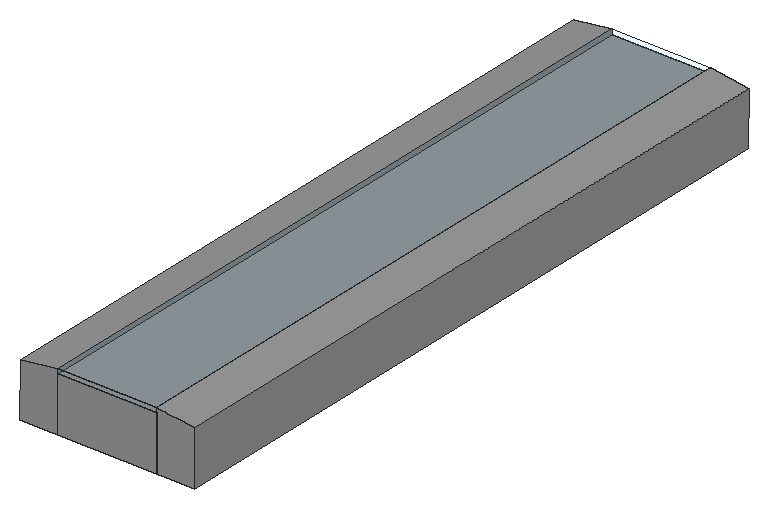
Revit family "ElectricalEquipment_Hager_TPNLighting&Power_250ATripleMeteredBoards", category Electrical Equipment, host Face, Revit 2015
Parameters (values of type "JKD2884PM")
  _DistributedBy = "www.bimstore.co.uk"
  _CurrentRevision = 0
  _CreatedBy = "MajentaSolutions"
  _BimstoreBibleVersion = "V14"
  _BimSpecGuid = 0
  _Author = "MajentaSolutions"
  WarrantyStartDate [instance] = ""
  WarrantyGuarantorParts = "2"
  WarrantyGuarantorLabor = ""
  WarrantyDurationUnit = "Years"
  WarrantyDurationParts = 2
  WarrantyDurationLabor = 0
  WarrantyDescription = "See Manufacturer"
  Voltage = "230V"
  URL = "http://www.hager.co.uk/"
  TypeName = Category  # "ElectricalEquipment"
  Type Comments = Model  # "JKD2884PM"
  TagNumber [instance] = ""
  SustainabilityPerformance = ""
  Size = ""
  built-in parameter 1140080 [instance] = "16kA"
  Shape = "Rectangular"
  ServiceLifeDuration = 0
  SerialNumber [instance] = ""
  ReplacementCost = 0
  Outgoing = "63A"
  NominalWidth = 465 mm
  NominalLength = 0 mm  # constant formula
  NominalHeight = 1850 mm
  NominalDepth = 165.5 mm
  Neutral Rating = 1  # 100.00%
  NBSReference = ClassificationValue  # "Pr_80_77_28_16"
  NBSOfficeMasterTag = "n/a"
  NBSObjectName = "Hager_TripleMeteredBoards_JKD2884PM"
  NBSNote = ""
  NBSDescription = Category  # "ElectricalEquipment"
  built-in parameter 1140081 [instance] = "ElectricalEquipment"
  ModelReference = ""
  ModelNumber = ""
  ModelLabel = ""
  Model = "JKD2884PM"
  Material = "MildSteel,ABS,AcousticComposite"
  ManufacturerName = Manufacturer  # "Hager"
  Manufacturer = "Hager"
  Mains Type = "AC"
  Keynote = "V"
  InstallationDate [instance] = ""
  Incoming = "125A"
  IfcExportType = ""
  IfcExportAs = "ElectricalEquipment"
  Grade = ""
  Finish = ""
  Features = Description  # "200APower/Lighting/ServicesBoard.Lower8,Mid8,Top4Way.Pulsed/Modbus"
  ExpectedLife = 10
  EAN = "5015652600299"
  DurationUnit = "Years"
  DocumentationTechnical = "http://www.hager.co.uk/product-catalogue/energy-distribution/consumer-units/design-range-of-consumer-units/design-10/51386.htm"
  DocumentationMaintenance = ""
  DocumentationLiterature = "http://www.hager.co.uk/product-catalogue/energy-distribution/consumer-units/design-range-of-consumer-units/design-10/51386.htm"
  DocumentationInstallationGuide = ""
  DocumentationCertificates = ""
  Description = "200APower/Lighting/ServicesBoard.Lower8,Mid8,Top4Way.Pulsed/Modbus"
  Default Elevation = 500 mm
  CreatedOn = "22.06.17"
  CreatedBy = "MajentaSolutions"
  Constituents = ""
  Colour = "RAL 9010 White Gloss"
  CodePerformance = ""
  ClassificationValue = "Pr_80_77_28_16"
  ClassificationName = "Uniclass2015"
  Category = "ElectricalEquipment"
  BarCode [instance] = ""
  BIMObjectName = "Hager_ElectricalEquipment_TripleMeteredBoards_JKD2884PM"
  AssetType = "Fixed"
  AssetIdentifier [instance] = ""
  Assembly Code = "D5010"
  AccessibilityPerformance = ""
Reference planes
  plane 1 "Center (Front/Back)": y = 0
  plane 2: z = 0
  plane 3 "Center (Left/Right)": x = 0
  plane 4: y = 925
  plane 5: z = 165.5
  plane 6: x = -232.5
  plane 7: x = 232.5
  plane 8: y = -925
  plane 9: x = -132.5
  plane 10: x = 132.5
  plane 11: z = 145.5
Forms (mm)
  Extrusion 1, solid, material "MildSteel,ABS,AcousticComposite", detail levels fine
    sketch origin (0, 0, 0) x (1, 0, 0) y (0, 0, 1)
      loop
        line (-132.5, 0) -> (132.5, 0) -> (132.5, 145.5) -> (-132.5, 145.5) -> (-132.5, 0)
    from -925 to 925
  Extrusion 2, solid, detail levels medium
    sketch origin (0, 0, 0) x (1, 0, 0) y (0, 1, 0)
      loop
        line (-232.5, 925) -> (-232.5, -925) -> (232.5, -925) -> (232.5, 925) -> (-232.5, 925)
    from 0 to 165.5
  Extrusion 3, solid, material "Steel-Monodraught-HTM-Polished", detail levels medium+fine
    sketch origin (0, 0, 0) x (1, 0, 0) y (0, 0, 1)
      loop
        line (-232.5, 145.5) -> (-232.5, 0) -> (232.5, 0) -> (232.5, 145.5)
        arc (232.5, 145.5) -> (182.626, 153.208) -> (132.5, 159.059) r 1359.262
        line (132.5, 159.059) -> (132.5, 145.5) -> (-132.5, 145.5) -> (-132.5, 159.059)
        arc (-132.5, 159.059) -> (-182.626, 153.208) -> (-232.5, 145.5) r 1359.262
    from -925 to 925
  Extrusion 4, solid, material "Glass", detail levels medium+fine
    sketch origin (0, 0, 0) x (1, 0, 0) y (0, 0, 1)
      loop
        line (-132.5, 145.5) -> (132.5, 145.5) -> (132.5, 159.059)
        arc (132.5, 159.059) -> (0, 165.532) -> (-132.5, 159.059) r 1359.262
        line (-132.5, 159.059) -> (-132.5, 145.5)
    from -925 to 925
Lines and regions (mm)
  symbolic lines, style "ElectricalEquipment"
    curve 1: line (-232.5, 0, 141.286) -> (232.5, 0, 141.286)
    curve 2: line (-232.5, 0, 0) -> (-232.5, 0, 141.286)
    curve 3: line (232.5, 0, 0) -> (-232.5, 0, 0)
    curve 4: line (232.5, 0, 141.286) -> (232.5, 0, 0)
    curve 5: line (-232.5, 0, 0) -> (232.5, 0, 141.286)
  model lines
    curve 6: line (-232.5, 925, 0) -> (-232.5, -925, 0)
    curve 7: line (232.5, 925, 0) -> (-232.5, 925, 0)
    curve 8: line (232.5, 925, 0) -> (232.5, -925, 0)
    curve 9: line (232.5, -925, 0) -> (-232.5, -925, 0)
    curve 10: line (-132.5, 925, 0) -> (-132.5, -925, 0)
    curve 11: line (132.5, 925, 0) -> (132.5, -925, 0)
  symbolic lines
    curve 12: line (-232.5, 0, 145.5) -> (-232.5, 0, 615.5)
    curve 13: arc (-232.5, 0, 615.5) -> (97.183, 0, 473.643) -> (233.119, 0, 141.474) r 474.313
Dimensions and locks
  "NominalWidth": plane 6 to plane 7
  locked: plane 6 to plane 9 at 100
  locked: plane 10 to plane 7 at 100
  "NominalDepth": plane 5 to plane 2
  locked: plane 5 to plane 11 at 20
  equal spacing: plane 8, plane 1 "Center (Front/Back)", plane 4
  equal spacing: plane 6, plane 3 "Center (Left/Right)", plane 7
  "NominalHeight": plane 8 to plane 4
  aligned and locked: plane 2 to host face
  aligned and locked: level to host face
  aligned and locked: plane 8 to Extrusion 1
  aligned and locked: Extrusion 1 to plane 4
  aligned and locked: curve 6 to plane 6
  aligned and locked: curve 7 to plane 4
  aligned and locked: curve 8 to plane 7
  aligned and locked: curve 9 to plane 8
  aligned and locked: curve 10 to plane 9
  aligned and locked: curve 11 to plane 10
  aligned and locked: Extrusion 2 sketch curve to curve 7
  aligned and locked: Extrusion 2 sketch curve to curve 6
  aligned and locked: Extrusion 2 sketch curve to curve 9
  aligned and locked: Extrusion 2 sketch curve to curve 8
  aligned and locked: plane 5 to Extrusion 2
  aligned and locked: Extrusion 2 to level
  aligned and locked: Extrusion 3 sketch curve to plane 6
  aligned and locked: Extrusion 3 sketch curve to plane 7
  aligned and locked: Extrusion 3 sketch curve to plane 2
  aligned and locked: Extrusion 4 sketch curve to plane 11
  aligned and locked: Extrusion 4 sketch curve to plane 9
  aligned and locked: Extrusion 4 sketch curve to plane 10
  aligned and locked: plane 8 to Extrusion 4
  aligned and locked: Extrusion 4 to plane 4
  aligned and locked: Extrusion 3 to plane 4
  aligned and locked: plane 8 to Extrusion 3
Automatic sketch dimensions
  host sketch curve to host sketch curve = 2438.4 mm  (x2)
  plane 3 "Center (Left/Right)" to Extrusion 3 sketch curve = 0 mm
  Extrusion 3 sketch curve to plane 10 = 0 mm
  Extrusion 3 sketch curve to plane 11 = 0 mm  (x2)
  Extrusion 3 sketch curve to plane 5 = 6.441 mm  (x2)
  Extrusion 3 sketch curve to Extrusion 3 sketch curve = 0 mm  (x2)
  Extrusion 3 sketch curve to plane 9 = 0 mm
  plane 3 "Center (Left/Right)" to Extrusion 4 sketch curve = 0 mm
  Extrusion 4 sketch curve to level = 1193.73 mm
  Extrusion 4 sketch curve to plane 5 = 6.441 mm
  Extrusion 1 sketch curve to plane 10 = 0 mm
  Extrusion 1 sketch curve to plane 11 = 0 mm
  Extrusion 1 sketch curve to plane 9 = 0 mm
  Extrusion 1 sketch curve to level = 0 mm
  curve 1 to plane 6 = 0 mm
  curve 12 to plane 6 = 0 mm
  curve 4 to plane 7 = 0 mm
  curve 4 to level = 0 mm
  curve 12 to plane 11 = 0 mm
  curve 13 to plane 11 = 4.234 mm
  curve 13 to plane 6 = 8.694 mm
  curve 1 to plane 11 = 4.214 mm
  plane 5 to curve 12 = 450 mm
  plane 7 to curve 13 = 0.619 mm
Connectors
  electrical at (0, 0, 0)
    settings: on Extrusion 2, index 1, voltage 0 V, apparent load 0 VA, apparent load phase1 0 VA, apparent load phase2 0 VA, apparent load phase3 0 VA, power factor 1, load classification "Other", number of poles 1, system type 31, power factor state 1, is connector primary yes, connector utility no, sub classification motor no, connector description ""
